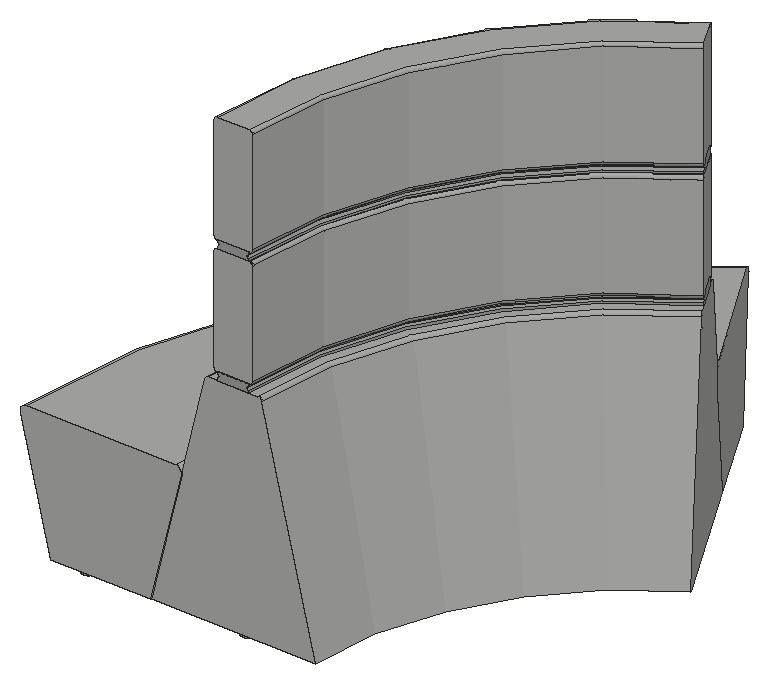
Revit family "Hive 60° Exterior Bench, Full Base, Two Screens", category Furniture, Revit 2020
Family settings
  OmniClass Number = 23.40.20.00
  OmniClass Title = General Furniture and Specialties
  Work Plane-Based = No
  Always vertical = Yes
  Cut with Voids When Loaded = No
  Shared = No
  Room Calculation Point = No
Parameters
  UK Secondary Seat Count = 3
  UK Primary Seat Count = 3
  Seat Upholstery [instance] = Fabric, Unspecified
  Seat Top Upholstery [instance] = Fabric, Unspecified
  Screen Two Upholstery [instance] = Fabric, Unspecified
  Screen Two Top Upholstery [instance] = Fabric, Unspecified
  Screen One Upholstery [instance] = Fabric, Unspecified
  Screen One Top Upholstery [instance] = Fabric, Unspecified
  Screen 2 [instance] = yes
  Screen 1 [instance] = yes
  Power Module Seat Right Back [instance] = no
  Power Module Seat Left Back [instance] = no
  Power Module Screen 2 Back [instance] = no
  Power Module Screen 1 Back [instance] = no
  Plug = Palmer Hamilton Black Plastic
  Plate = Palmer Hamilton Alum
  No Legs [instance] = not(Legs)  # yes
  Model = "SHV2K"
  Legs [instance] = no
  LegRightOffset [instance] = 0' - 2 3/16"
  LegLeftOffset [instance] = 0' - 2 3/16"
  Leg [instance] = Palmer Hamilton - Aluminum
  Joint [instance] = Palmer Hamilton - Aluminum
  HS Seat Count = 3
  ES Seat Count = 3
  Default Elevation = 0' - 0"
  Cost = 3
  Back Upholstery [instance] = Fabric, Unspecified
  Back Top Upholstery [instance] = Fabric, Unspecified
Reference planes (in)
  plane 1 "Center Front/Back": y = 0
  plane 2: z = 0
  plane 3 "Center Left/Right": x = 0
  plane 4 "LegLeftOffset": y = 2.1875
  plane 5 "LegRightOffset": through (29.59726, -51.26396, 48) normal (-0.866, -0.5, 0)
  plane 6: z = 1.25
  plane 7: z = 9.1875
  plane 8: z = 17
  plane 9: z = 28
  plane 10: through (0, 0, 48) normal (-0.5, -0.866, 0)
  plane 11: through (-40.56766, 21.91018, 48) normal (-0.866, 0.5, 0)
  plane 12: through (-21.30109, 12.29819, 48) normal (-0.866, 0.5, 0)
  plane 13: through (-25.07879, 14.47924, 48) normal (-0.866, 0.5, 0)
  plane 14: through (-42.0782, 24.29386, 48) normal (-0.866, 0.5, 0)
  plane 15: through (-43.97263, 25.38761, 48) normal (-0.866, 0.5, 0)
  plane 16: through (-58.8356, 33.96875, 48) normal (-0.866, 0.5, 0)
  plane 17: through (-62.2997, 35.96875, 48) normal (-0.866, 0.5, 0)
  plane 18: through (27.70283, -52.35771, 48) normal (-0.866, -0.5, 0)
Forms (in)
  Extrusion 1, solid, material "Palmer Hamilton - Aluminum", visible <- "Legs"
    sketch origin (0, 0, 0) x (0.965926, 0.258819, 0) y (-0.258819, 0.965926, 0)
      loop
        circle (-34.33679, 34.33679) r 0.625
      loop
        circle (-50.86749, 50.86749) r 0.625
    from 0.25 to 12
  Extrusion 2, solid, material "pH Black Plastic", visible <- "Legs"
    sketch origin (0, 0, 0) x (0.965926, 0.258819, 0) y (-0.258819, 0.965926, 0)
      loop
        circle (-34.33679, 34.33679) r 0.75
      loop
        circle (-50.86749, 50.86749) r 0.75
    from 0 to 0.25
  Revolve 3, solid, material "Palmer Hamilton - Aluminum" <- "Joint", visible <- "Screen 1"
    sketch origin (0, 0, 0) x (1, 0, 0) y (0, 0, 1)
      loop
        line (-50.4124, 29) -> (-50.4124, 28.75) -> (-50.1624, 28.5) -> (-50.4124, 28.25) -> (-50.4124, 28) -> (-46.58858, 28) -> (-46.58858, 28.25) -> (-46.83858, 28.5) -> (-46.58858, 28.75) -> (-46.58858, 29) -> (-50.4124, 29)
      axis (0, 29) -> (0, 28)
    angle from 60 to 0
  Revolve 4, solid, material "Fabric, Unspecified" <- "Screen One Upholstery", visible <- "Screen 1"
    sketch origin (0, 0, 0) x (1, 0, 0) y (0, 0, 1)
      loop
        line (-50.81299, 42) -> (-50.81299, 29.375)
        arc (-50.81299, 29.375) -> (-50.70315, 29.10983) -> (-50.43799, 29) r 0.375
        line (-50.43799, 29) -> (-46.46358, 29)
        arc (-46.46358, 29) -> (-46.19842, 29.10983) -> (-46.08858, 29.375) r 0.375
        line (-46.08858, 29.375) -> (-46.08858, 42)
        arc (-46.08858, 42) -> (-46.19842, 42.26517) -> (-46.46358, 42.375) r 0.375
        line (-46.46358, 42.375) -> (-50.43799, 42.375)
        arc (-50.43799, 42.375) -> (-50.70315, 42.26517) -> (-50.81299, 42) r 0.375
      axis (0, 42.375) -> (0, 29)
    angle from 60 to 0
  Revolve 5, solid, material "Palmer Hamilton - Aluminum" <- "Joint", visible <- "Screen 2"
    sketch origin (0, 0, 14.375) x (1, 0, 0) y (0, 0, 1)
      loop
        line (-50.4124, 29) -> (-50.4124, 28.75) -> (-50.1624, 28.5) -> (-50.4124, 28.25) -> (-50.4124, 28) -> (-46.58858, 28) -> (-46.58858, 28.25) -> (-46.83858, 28.5) -> (-46.58858, 28.75) -> (-46.58858, 29) -> (-50.4124, 29)
      axis (0, 29) -> (0, 28)
    angle from 60 to 0
  Revolve 6, solid, material "Fabric, Unspecified" <- "Screen Two Upholstery", visible <- "Screen 2"
    sketch origin (0, 0, 14.375) x (1, 0, 0) y (0, 0, 1)
      loop
        line (-50.81299, 42) -> (-50.81299, 29.375)
        arc (-50.81299, 29.375) -> (-50.70315, 29.10983) -> (-50.43799, 29) r 0.375
        line (-50.43799, 29) -> (-46.46358, 29)
        arc (-46.46358, 29) -> (-46.19842, 29.10983) -> (-46.08858, 29.375) r 0.375
        line (-46.08858, 29.375) -> (-46.08858, 42)
        arc (-46.08858, 42) -> (-46.19842, 42.26517) -> (-46.46358, 42.375) r 0.375
        line (-46.46358, 42.375) -> (-50.43799, 42.375)
        arc (-50.43799, 42.375) -> (-50.70315, 42.26517) -> (-50.81299, 42) r 0.375
      axis (0, 42.375) -> (0, 29)
    angle from 60 to 0
  Extrusion 7, solid, material "pH Black Plastic", visible <- "No Legs"
    sketch origin (0, 0, 0) x (0.965926, 0.258819, 0) y (-0.258819, 0.965926, 0)
      loop
        circle (-34.33679, 34.33679) r 0.75
      loop
        circle (-48.03907, 48.03907) r 0.75
    from 0 to 1.25
  Extrusion 8, solid, material "Palmer Hamilton Alum" <- "Plate", not visible
    sketch origin (7.98653, 21.60823, 0) x (1, 0, 0) y (0, 1, 0)
      loop
        line (0.875, 3.25) -> (-0.875, 3.25)
        arc (-0.875, 3.25) -> (-1.14017, 3.14017) -> (-1.25, 2.875) r 0.375
        line (-1.25, 2.875) -> (-1.25, -2.875)
        arc (-1.25, -2.875) -> (-1.14017, -3.14017) -> (-0.875, -3.25) r 0.375
        line (-0.875, -3.25) -> (0.875, -3.25)
        arc (0.875, -3.25) -> (1.14017, -3.14017) -> (1.25, -2.875) r 0.375
        line (1.25, -2.875) -> (1.25, 2.875)
        arc (1.25, 2.875) -> (1.14017, 3.14017) -> (0.875, 3.25) r 0.375
    from 0 to 0.0598
  Blend 9, solid, material "Palmer Hamilton Black Plastic" <- "Plug", not visible
    base sketch origin (7.98653, 21.60823, 0) x (1, 0, 0) y (0, 1, 0)
      loop
        line (-0.535, 1.788) -> (-0.535, 0.718) -> (0.535, 0.718) -> (0.535, 1.788) -> (-0.535, 1.788)
    top sketch origin (7.98653, 21.60823, 0) x (1, 0, 0) y (0, 1, 0)
      loop
        line (-0.46894, 1.72894) -> (-0.46894, 0.78406) -> (0.47594, 0.78406) -> (0.47594, 1.72894) -> (-0.46894, 1.72894)
    from 0.0598 to 0.1378
  Blend 10, solid, material "Palmer Hamilton Black Plastic" <- "Plug", not visible
    base sketch origin (7.98653, 21.60823, 0) x (1, 0, 0) y (0, 1, 0)
      loop
        line (-0.535, -1.788) -> (0.535, -1.788) -> (0.535, -0.718) -> (-0.535, -0.718) -> (-0.535, -1.788)
    top sketch origin (7.98653, 21.60823, 0) x (1, 0, 0) y (0, 1, 0)
      loop
        line (-0.46894, -1.72894) -> (0.47594, -1.72894) -> (0.47594, -0.78406) -> (-0.46894, -0.78406) -> (-0.46894, -1.72894)
    from 0.0598 to 0.1378
  Extrusion 11, solid, material "Palmer Hamilton Black Plastic" <- "Plug", not visible
    sketch origin (7.98653, 21.60823, 0) x (1, 0, 0) y (0, 1, 0)
      loop
        line (-0.288, 0.2665) -> (-0.288, -0.2665) -> (0.288, -0.2665) -> (0.288, 0.2665) -> (-0.288, 0.2665)
      loop
        line (-0.18864, 0.20185) -> (-0.18864, -0.20575) -> (-0.06116, -0.20575) -> (-0.06116, 0.20185) -> (-0.18864, 0.20185)
      loop
        line (0.06115, 0.20185) -> (0.06115, -0.20575) -> (0.18863, -0.20575) -> (0.18863, 0.20185) -> (0.06115, 0.20185)
    from 0.0598 to 0.11052
  Extrusion 12, void, not visible
    sketch origin (7.98653, 21.60823, 0) x (1, 0, 0) y (0, 1, 0)
      loop
        arc (-0.1165, 1.49056) -> (0.0035, 1.37056) -> (0.1235, 1.49056) r 0.12
        line (0.1235, 1.49056) -> (0.1235, 1.61056) -> (-0.1165, 1.61056) -> (-0.1165, 1.49056)
      loop
        line (-0.30278, 1.19556) -> (-0.30278, 0.84957) -> (-0.18628, 0.84957) -> (-0.18628, 1.19556) -> (-0.30278, 1.19556)
      loop
        line (0.19722, 1.16331) -> (0.19722, 0.88182) -> (0.31372, 0.88182) -> (0.31372, 1.16331) -> (0.19722, 1.16331)
    from 0.0598 to 0.1378
  Extrusion 13, void, not visible
    sketch origin (7.98653, 21.60823, 0) x (1, 0, 0) y (0, 1, 0)
      loop
        line (-0.1165, -1.49056) -> (-0.1165, -1.61056) -> (0.1235, -1.61056) -> (0.1235, -1.49056)
        arc (0.1235, -1.49056) -> (0.0035, -1.37056) -> (-0.1165, -1.49056) r 0.12
      loop
        line (-0.30278, -1.19556) -> (-0.18628, -1.19556) -> (-0.18628, -0.84957) -> (-0.30278, -0.84957) -> (-0.30278, -1.19556)
      loop
        line (0.19722, -1.16331) -> (0.31372, -1.16331) -> (0.31372, -0.88182) -> (0.19722, -0.88182) -> (0.19722, -1.16331)
    from 0.0598 to 0.1378
  Revolve 14, solid, material "Fabric, Unspecified" <- "Back Upholstery", visible <- "Legs"
    sketch origin (0, 0, 0) x (1, 0, 0) y (0, 0, 1)
      loop
        line (-45.46354, 28) -> (-51.43326, 28)
        arc (-51.43326, 28) -> (-51.74109, 27.89401) -> (-51.91841, 27.62096) r 0.5
        line (-51.91841, 27.62096) -> (-56.51438, 9.1875) -> (-40.38242, 9.1875) -> (-44.97839, 27.62096)
        arc (-44.97839, 27.62096) -> (-45.15571, 27.89401) -> (-45.46354, 28) r 0.5
      axis (0, 28) -> (0, 9.1875)
    angle from 60 to 0
  Revolve 15, solid, material "Fabric, Unspecified" <- "Seat Upholstery", visible <- "No Legs"
    sketch origin (0, 0, 0) x (1, 0, 0) y (0, 0, 1)
      loop
        line (-55.54902, 17) -> (-73.73989, 17)
        arc (-73.73989, 17) -> (-74.3309, 16.71175) -> (-74.46761, 16.06856) r 0.75
        line (-74.46761, 16.06856) -> (-70.77293, 1.25) -> (-58.51598, 1.25) -> (-54.82129, 16.06856)
        arc (-54.82129, 16.06856) -> (-54.95801, 16.71175) -> (-55.54902, 17) r 0.75
      axis (0, 17) -> (0, 1.25)
    angle from 60 to 0
  Revolve 16, solid, material "Fabric, Unspecified" <- "Seat Upholstery", visible <- "Legs"
    sketch origin (0, 0, 0) x (1, 0, 0) y (0, 0, 1)
      loop
        arc (-73.68133, 17) -> (-74.21166, 16.78033) -> (-74.43133, 16.25) r 0.75
        line (-74.43133, 16.25) -> (-74.43133, 9.5625)
        arc (-74.43133, 9.5625) -> (-74.32149, 9.29733) -> (-74.05633, 9.1875) r 0.375
        line (-74.05633, 9.1875) -> (-56.51438, 9.1875) -> (-54.79874, 16.06856)
        arc (-54.79874, 16.06856) -> (-54.93546, 16.71175) -> (-55.52647, 17) r 0.75
        line (-55.52647, 17) -> (-73.68133, 17)
      axis (0, 17) -> (0, 9.1875)
    angle from 60 to 0
  Revolve 17, solid, material "Fabric, Unspecified" <- "Back Upholstery", visible <- "No Legs"
    sketch origin (0, 0, 0) x (1, 0, 0) y (0, 0, 1)
      loop
        line (-45.46354, 28) -> (-51.43326, 28)
        arc (-51.43326, 28) -> (-51.74109, 27.89401) -> (-51.91841, 27.62096) r 0.5
        line (-51.91841, 27.62096) -> (-58.49051, 1.26168) -> (-38.40629, 1.26168) -> (-44.97839, 27.62096)
        arc (-44.97839, 27.62096) -> (-45.15571, 27.89401) -> (-45.46354, 28) r 0.5
      axis (0, 28) -> (0, 1.26168)
    angle from 60 to 0
  Extrusion 18, solid, material "Palmer Hamilton Alum" <- "Plate", visible <- "Power Module Screen 1 Back"
    sketch origin (-43.9431, 25.43876, 35.6875) x (-0.5, -0.866025, 0) y (0, 0, 1)
      loop
        line (0.875, 3.25) -> (-0.875, 3.25)
        arc (-0.875, 3.25) -> (-1.14017, 3.14017) -> (-1.25, 2.875) r 0.375
        line (-1.25, 2.875) -> (-1.25, -2.875)
        arc (-1.25, -2.875) -> (-1.14017, -3.14017) -> (-0.875, -3.25) r 0.375
        line (-0.875, -3.25) -> (0.875, -3.25)
        arc (0.875, -3.25) -> (1.14017, -3.14017) -> (1.25, -2.875) r 0.375
        line (1.25, -2.875) -> (1.25, 2.875)
        arc (1.25, 2.875) -> (1.14017, 3.14017) -> (0.875, 3.25) r 0.375
    from 0 to 0.0598
  Blend 19, solid, material "Palmer Hamilton Black Plastic" <- "Plug", visible <- "Power Module Screen 1 Back"
    base sketch origin (-43.9431, 25.43876, 35.6875) x (-0.5, -0.866025, 0) y (0, 0, 1)
      loop
        line (-0.535, 1.788) -> (-0.535, 0.718) -> (0.535, 0.718) -> (0.535, 1.788) -> (-0.535, 1.788)
    top sketch origin (-43.9431, 25.43876, 35.6875) x (-0.5, -0.866025, 0) y (0, 0, 1)
      loop
        line (-0.46894, 1.72894) -> (-0.46894, 0.78406) -> (0.47594, 0.78406) -> (0.47594, 1.72894) -> (-0.46894, 1.72894)
    from 0.0598 to 0.1378
  Blend 20, solid, material "Palmer Hamilton Black Plastic" <- "Plug", visible <- "Power Module Screen 1 Back"
    base sketch origin (-43.9431, 25.43876, 35.6875) x (-0.5, -0.866025, 0) y (0, 0, 1)
      loop
        line (-0.535, -1.788) -> (0.535, -1.788) -> (0.535, -0.718) -> (-0.535, -0.718) -> (-0.535, -1.788)
    top sketch origin (-43.9431, 25.43876, 35.6875) x (-0.5, -0.866025, 0) y (0, 0, 1)
      loop
        line (-0.46894, -1.72894) -> (0.47594, -1.72894) -> (0.47594, -0.78406) -> (-0.46894, -0.78406) -> (-0.46894, -1.72894)
    from 0.0598 to 0.1378
  Extrusion 21, solid, material "Palmer Hamilton Black Plastic" <- "Plug", visible <- "Power Module Screen 1 Back"
    sketch origin (-43.9431, 25.43876, 35.6875) x (-0.5, -0.866025, 0) y (0, 0, 1)
      loop
        line (-0.288, 0.2665) -> (-0.288, -0.2665) -> (0.288, -0.2665) -> (0.288, 0.2665) -> (-0.288, 0.2665)
      loop
        line (-0.18864, 0.20185) -> (-0.18864, -0.20575) -> (-0.06116, -0.20575) -> (-0.06116, 0.20185) -> (-0.18864, 0.20185)
      loop
        line (0.06115, 0.20185) -> (0.06115, -0.20575) -> (0.18863, -0.20575) -> (0.18863, 0.20185) -> (0.06115, 0.20185)
    from 0.0598 to 0.11052
  Extrusion 22, solid, material "Palmer Hamilton Alum" <- "Plate", visible <- "Power Module Screen 2 Back"
    sketch origin (-43.9431, 25.43876, 50.0625) x (-0.5, -0.866025, 0) y (0, 0, 1)
      loop
        line (0.875, 3.25) -> (-0.875, 3.25)
        arc (-0.875, 3.25) -> (-1.14017, 3.14017) -> (-1.25, 2.875) r 0.375
        line (-1.25, 2.875) -> (-1.25, -2.875)
        arc (-1.25, -2.875) -> (-1.14017, -3.14017) -> (-0.875, -3.25) r 0.375
        line (-0.875, -3.25) -> (0.875, -3.25)
        arc (0.875, -3.25) -> (1.14017, -3.14017) -> (1.25, -2.875) r 0.375
        line (1.25, -2.875) -> (1.25, 2.875)
        arc (1.25, 2.875) -> (1.14017, 3.14017) -> (0.875, 3.25) r 0.375
    from 0 to 0.0598
  Blend 23, solid, material "Palmer Hamilton Black Plastic" <- "Plug", visible <- "Power Module Screen 2 Back"
    base sketch origin (-43.9431, 25.43876, 50.0625) x (-0.5, -0.866025, 0) y (0, 0, 1)
      loop
        line (-0.535, 1.788) -> (-0.535, 0.718) -> (0.535, 0.718) -> (0.535, 1.788) -> (-0.535, 1.788)
    top sketch origin (-43.9431, 25.43876, 50.0625) x (-0.5, -0.866025, 0) y (0, 0, 1)
      loop
        line (-0.46894, 1.72894) -> (-0.46894, 0.78406) -> (0.47594, 0.78406) -> (0.47594, 1.72894) -> (-0.46894, 1.72894)
    from 0.0598 to 0.1378
  Blend 24, solid, material "Palmer Hamilton Black Plastic" <- "Plug", visible <- "Power Module Screen 2 Back"
    base sketch origin (-43.9431, 25.43876, 50.0625) x (-0.5, -0.866025, 0) y (0, 0, 1)
      loop
        line (-0.535, -1.788) -> (0.535, -1.788) -> (0.535, -0.718) -> (-0.535, -0.718) -> (-0.535, -1.788)
    top sketch origin (-43.9431, 25.43876, 50.0625) x (-0.5, -0.866025, 0) y (0, 0, 1)
      loop
        line (-0.46894, -1.72894) -> (0.47594, -1.72894) -> (0.47594, -0.78406) -> (-0.46894, -0.78406) -> (-0.46894, -1.72894)
    from 0.0598 to 0.1378
  Extrusion 25, solid, material "Palmer Hamilton Black Plastic" <- "Plug", visible <- "Power Module Screen 2 Back"
    sketch origin (-43.9431, 25.43876, 50.0625) x (-0.5, -0.866025, 0) y (0, 0, 1)
      loop
        line (-0.288, 0.2665) -> (-0.288, -0.2665) -> (0.288, -0.2665) -> (0.288, 0.2665) -> (-0.288, 0.2665)
      loop
        line (-0.18864, 0.20185) -> (-0.18864, -0.20575) -> (-0.06116, -0.20575) -> (-0.06116, 0.20185) -> (-0.18864, 0.20185)
      loop
        line (0.06115, 0.20185) -> (0.06115, -0.20575) -> (0.18863, -0.20575) -> (0.18863, 0.20185) -> (0.06115, 0.20185)
    from 0.0598 to 0.11052
  Extrusion 26, solid, material "Palmer Hamilton Alum" <- "Plate", visible <- "Power Module Seat Right Back"
    sketch origin (-32.70469, 56.64618, 9.1875) x (-0.5, 0.866025, 0) y (0, 0, 1)
      loop
        line (0.875, 3.25) -> (-0.875, 3.25)
        arc (-0.875, 3.25) -> (-1.14017, 3.14017) -> (-1.25, 2.875) r 0.375
        line (-1.25, 2.875) -> (-1.25, -2.875)
        arc (-1.25, -2.875) -> (-1.14017, -3.14017) -> (-0.875, -3.25) r 0.375
        line (-0.875, -3.25) -> (0.875, -3.25)
        arc (0.875, -3.25) -> (1.14017, -3.14017) -> (1.25, -2.875) r 0.375
        line (1.25, -2.875) -> (1.25, 2.875)
        arc (1.25, 2.875) -> (1.14017, 3.14017) -> (0.875, 3.25) r 0.375
    from 0 to 0.0598
  Blend 27, solid, material "Palmer Hamilton Black Plastic" <- "Plug", visible <- "Power Module Seat Right Back"
    base sketch origin (-32.70469, 56.64618, 9.1875) x (-0.5, 0.866025, 0) y (0, 0, 1)
      loop
        line (-0.535, 1.788) -> (-0.535, 0.718) -> (0.535, 0.718) -> (0.535, 1.788) -> (-0.535, 1.788)
    top sketch origin (-32.70469, 56.64618, 9.1875) x (-0.5, 0.866025, 0) y (0, 0, 1)
      loop
        line (-0.46894, 1.72894) -> (-0.46894, 0.78406) -> (0.47594, 0.78406) -> (0.47594, 1.72894) -> (-0.46894, 1.72894)
    from 0.0598 to 0.1378
  Blend 28, solid, material "Palmer Hamilton Black Plastic" <- "Plug", visible <- "Power Module Seat Right Back"
    base sketch origin (-32.70469, 56.64618, 9.1875) x (-0.5, 0.866025, 0) y (0, 0, 1)
      loop
        line (-0.535, -1.788) -> (0.535, -1.788) -> (0.535, -0.718) -> (-0.535, -0.718) -> (-0.535, -1.788)
    top sketch origin (-32.70469, 56.64618, 9.1875) x (-0.5, 0.866025, 0) y (0, 0, 1)
      loop
        line (-0.46894, -1.72894) -> (0.47594, -1.72894) -> (0.47594, -0.78406) -> (-0.46894, -0.78406) -> (-0.46894, -1.72894)
    from 0.0598 to 0.1378
  Extrusion 29, solid, material "Palmer Hamilton Black Plastic" <- "Plug", visible <- "Power Module Seat Right Back"
    sketch origin (-32.70469, 56.64618, 9.1875) x (-0.5, 0.866025, 0) y (0, 0, 1)
      loop
        line (-0.288, 0.2665) -> (-0.288, -0.2665) -> (0.288, -0.2665) -> (0.288, 0.2665) -> (-0.288, 0.2665)
      loop
        line (-0.18864, 0.20185) -> (-0.18864, -0.20575) -> (-0.06116, -0.20575) -> (-0.06116, 0.20185) -> (-0.18864, 0.20185)
      loop
        line (0.06115, 0.20185) -> (0.06115, -0.20575) -> (0.18863, -0.20575) -> (0.18863, 0.20185) -> (0.06115, 0.20185)
    from 0.0598 to 0.11052
  Extrusion 30, solid, material "Palmer Hamilton Alum" <- "Plate", visible <- "Power Module Seat Left Back"
    sketch origin (-64.60753, 0, 9.1875) x (1, 0, 0) y (0, 0, 1)
      loop
        line (0.875, 3.25) -> (-0.875, 3.25)
        arc (-0.875, 3.25) -> (-1.14017, 3.14017) -> (-1.25, 2.875) r 0.375
        line (-1.25, 2.875) -> (-1.25, -2.875)
        arc (-1.25, -2.875) -> (-1.14017, -3.14017) -> (-0.875, -3.25) r 0.375
        line (-0.875, -3.25) -> (0.875, -3.25)
        arc (0.875, -3.25) -> (1.14017, -3.14017) -> (1.25, -2.875) r 0.375
        line (1.25, -2.875) -> (1.25, 2.875)
        arc (1.25, 2.875) -> (1.14017, 3.14017) -> (0.875, 3.25) r 0.375
    from 0 to 0.0598
  Blend 31, solid, material "Palmer Hamilton Black Plastic" <- "Plug", visible <- "Power Module Seat Left Back"
    base sketch origin (-64.60753, 0, 9.1875) x (1, 0, 0) y (0, 0, 1)
      loop
        line (-0.535, 1.788) -> (-0.535, 0.718) -> (0.535, 0.718) -> (0.535, 1.788) -> (-0.535, 1.788)
    top sketch origin (-64.60753, 0, 9.1875) x (1, 0, 0) y (0, 0, 1)
      loop
        line (-0.46894, 1.72894) -> (-0.46894, 0.78406) -> (0.47594, 0.78406) -> (0.47594, 1.72894) -> (-0.46894, 1.72894)
    from 0.0598 to 0.1378
  Blend 32, solid, material "Palmer Hamilton Black Plastic" <- "Plug", visible <- "Power Module Seat Left Back"
    base sketch origin (-64.60753, 0, 9.1875) x (1, 0, 0) y (0, 0, 1)
      loop
        line (-0.535, -1.788) -> (0.535, -1.788) -> (0.535, -0.718) -> (-0.535, -0.718) -> (-0.535, -1.788)
    top sketch origin (-64.60753, 0, 9.1875) x (1, 0, 0) y (0, 0, 1)
      loop
        line (-0.46894, -1.72894) -> (0.47594, -1.72894) -> (0.47594, -0.78406) -> (-0.46894, -0.78406) -> (-0.46894, -1.72894)
    from 0.0598 to 0.1378
  Extrusion 33, solid, material "Palmer Hamilton Black Plastic" <- "Plug", visible <- "Power Module Seat Left Back"
    sketch origin (-64.60753, 0, 9.1875) x (1, 0, 0) y (0, 0, 1)
      loop
        line (-0.288, 0.2665) -> (-0.288, -0.2665) -> (0.288, -0.2665) -> (0.288, 0.2665) -> (-0.288, 0.2665)
      loop
        line (-0.18864, 0.20185) -> (-0.18864, -0.20575) -> (-0.06116, -0.20575) -> (-0.06116, 0.20185) -> (-0.18864, 0.20185)
      loop
        line (0.06115, 0.20185) -> (0.06115, -0.20575) -> (0.18863, -0.20575) -> (0.18863, 0.20185) -> (0.06115, 0.20185)
    from 0.0598 to 0.11052
  Extrusion 34, void
    sketch origin (-64.60753, 32.30928, 9.1875) x (1, 0, 0) y (0, 0, 1)
      loop
        arc (-0.1165, 1.49056) -> (0.0035, 1.37056) -> (0.1235, 1.49056) r 0.12
        line (0.1235, 1.49056) -> (0.1235, 1.61056) -> (-0.1165, 1.61056) -> (-0.1165, 1.49056)
      loop
        line (-0.30278, 1.19556) -> (-0.30278, 0.84957) -> (-0.18628, 0.84957) -> (-0.18628, 1.19556) -> (-0.30278, 1.19556)
      loop
        line (0.19722, 1.16331) -> (0.19722, 0.88182) -> (0.31372, 0.88182) -> (0.31372, 1.16331) -> (0.19722, 1.16331)
    from 0.0598 to 0.1378
  Extrusion 35, void
    sketch origin (-64.60753, 32.30928, 9.1875) x (1, 0, 0) y (0, 0, 1)
      loop
        line (-0.1165, -1.49056) -> (-0.1165, -1.61056) -> (0.1235, -1.61056) -> (0.1235, -1.49056)
        arc (0.1235, -1.49056) -> (0.0035, -1.37056) -> (-0.1165, -1.49056) r 0.12
      loop
        line (-0.30278, -1.19556) -> (-0.18628, -1.19556) -> (-0.18628, -0.84957) -> (-0.30278, -0.84957) -> (-0.30278, -1.19556)
      loop
        line (0.19722, -1.16331) -> (0.31372, -1.16331) -> (0.31372, -0.88182) -> (0.19722, -0.88182) -> (0.19722, -1.16331)
    from 0.0598 to 0.1378
  Extrusion 36, solid, material "pH Black Plastic", visible <- "Legs"
    sketch origin (0, 0, 0) x (1, 0, 0) y (0, 1, 0)
      loop
        circle (-48.53845, 2.1875) r 0.75
      loop
        circle (-71.90423, 2.1875) r 0.75
    from 0 to 0.25
  Extrusion 37, solid, material "pH Black Plastic", visible <- "No Legs"
    sketch origin (0, 0, 0) x (1, 0, 0) y (0, 1, 0)
      loop
        circle (-48.53845, 2.1875) r 0.75
      loop
        circle (-67.90227, 2.1875) r 0.75
    from 0 to 2
  Extrusion 38, solid, material "Palmer Hamilton - Aluminum" <- "Leg", visible <- "Legs"
    sketch origin (0, 0, 0) x (1, 0, 0) y (0, 1, 0)
      loop
        circle (-71.90423, 2.1875) r 0.625
      loop
        circle (-48.53845, 2.1875) r 0.625
    from 0.25 to 12
  Extrusion 39, solid, material "Palmer Hamilton - Aluminum" <- "Leg", visible <- "Legs"
    sketch origin (0, 0, 0) x (1, 0, 0) y (0, 1, 0)
      loop
        circle (-37.84655, 61.17714) r 0.625
      loop
        circle (-26.16365, 40.94178) r 0.625
    from 0.25 to 12
  Extrusion 40, solid, material "Palmer Hamilton Black Plastic", visible <- "Legs"
    sketch origin (0, 0, 0) x (1, 0, 0) y (0, 1, 0)
      loop
        circle (-37.84655, 61.17714) r 0.75
      loop
        circle (-26.16365, 40.94178) r 0.75
    from 0 to 0.25
  Extrusion 41, solid, material "Palmer Hamilton Black Plastic", visible <- "No Legs"
    sketch origin (0, 0, 0) x (1, 0, 0) y (0, 1, 0)
      loop
        circle (-26.16365, 40.94178) r 0.75
      loop
        circle (-37.84655, 61.17714) r 0.75
    from 0 to 2
Cuts and joins
  Extrusion 34 cuts Revolve 17
Lines and regions (in)
  reference lines
    curve 1: circle (0, 0, 0) r 48.58772 normal (0, 0, 1)
    curve 2: circle (0, 0, 0) r 67.9375 normal (0, 0, 1)
    curve 3: circle (0, 0, 0) r 71.9375 normal (0, 0, 1)
Dimensions and locks (in)
  "LegLeftOffset": plane 4 "LegLeftOffset" to plane 1 "Center Front/Back"
  locked: plane 11 to plane 10 at 46.08772
  plane 17 to plane 16 to plane 15 to plane 14 to plane 11 to plane 13 to plane 12 to plane 10 = 0' - 4" locked, 1' - 5.16228" locked, 0' - 2 3/16" locked, 0' - 2 1/2" locked, 1' - 5.12923" locked, 0' - 4.3621" locked, 2' - 0.59638" locked
  "LegRightOffset": plane 18 to plane 5 "LegRightOffset"
  aligned and locked: level to plane 2
Automatic sketch dimensions
  Extrusion 8 sketch curve to Extrusion 8 sketch curve = 0' - 0 3/8"  (x3)
  Extrusion 8 sketch curve to Extrusion 8 sketch curve = 0' - 1 3/4"  (x2)
  Extrusion 8 sketch curve to Extrusion 8 sketch curve = 0' - 5 3/4"
  Blend 9 sketch curve to Blend 9 sketch curve = 0' - 1.07"  (x2)
  Blend 9 sketch curve to Blend 9 sketch curve = 0' - 0.94488"  (x2)
  Blend 10 sketch curve to Blend 10 sketch curve = 0' - 1.07"  (x2)
  Blend 10 sketch curve to Blend 10 sketch curve = 0' - 0.94488"  (x2)
  Extrusion 11 sketch curve to Extrusion 11 sketch curve = 0' - 0.09936"
  Extrusion 11 sketch curve to Extrusion 11 sketch curve = 0' - 0.12748"  (x2)
  Extrusion 11 sketch curve to Extrusion 11 sketch curve = 0' - 0.1223"
  Extrusion 11 sketch curve to Extrusion 11 sketch curve = 0' - 0.09937"
  Extrusion 11 sketch curve to Extrusion 11 sketch curve = 0' - 0.06075"
  Extrusion 11 sketch curve to Extrusion 11 sketch curve = 0' - 0"  (x2)
  Extrusion 11 sketch curve to Extrusion 11 sketch curve = 0' - 0.4076"
  Extrusion 11 sketch curve to Extrusion 11 sketch curve = 0' - 0.06465"
  Extrusion 12 sketch curve to Extrusion 12 sketch curve = 0' - 0.1165"  (x2)
  Extrusion 12 sketch curve to Extrusion 12 sketch curve = 0' - 0.06978"
  Extrusion 12 sketch curve to Extrusion 12 sketch curve = 0' - 0.12"  (x2)
  Extrusion 12 sketch curve to Extrusion 12 sketch curve = 0' - 0.07372"
  Extrusion 12 sketch curve to Extrusion 12 sketch curve = 0' - 0.03224"
  Extrusion 12 sketch curve to Extrusion 12 sketch curve = 0' - 0.2815"
  Extrusion 12 sketch curve to Extrusion 12 sketch curve = 0' - 0.34598"
  Extrusion 12 sketch curve to Extrusion 12 sketch curve = 0' - 0.295"
  Extrusion 13 sketch curve to Extrusion 13 sketch curve = 0' - 0.1165"  (x2)
  Extrusion 13 sketch curve to Extrusion 13 sketch curve = 0' - 0.06978"
  Extrusion 13 sketch curve to Extrusion 13 sketch curve = 0' - 0.12"  (x2)
  Extrusion 13 sketch curve to Extrusion 13 sketch curve = 0' - 0.07372"
  Extrusion 13 sketch curve to Extrusion 13 sketch curve = 0' - 0.03224"
  Extrusion 13 sketch curve to Extrusion 13 sketch curve = 0' - 0.2815"
  Extrusion 13 sketch curve to Extrusion 13 sketch curve = 0' - 0.34598"
  Extrusion 13 sketch curve to Extrusion 13 sketch curve = 0' - 0.295"
  plane 10 to Extrusion 1 sketch curve = 0' - 0"  (x2)
  Extrusion 1 sketch curve to plane 17 = 0' - 0"
  Extrusion 1 sketch curve to Extrusion 1 sketch curve = 1' - 4.53071"
  plane 10 to Extrusion 2 sketch curve = 0' - 0"  (x2)
  Extrusion 2 sketch curve to plane 17 = 0' - 0"
  Extrusion 2 sketch curve to Extrusion 2 sketch curve = 1' - 4.53071"
  plane 10 to Extrusion 7 sketch curve = 0' - 0"  (x2)
  Extrusion 7 sketch curve to plane 16 = 0' - 0"
  Extrusion 7 sketch curve to Extrusion 7 sketch curve = 1' - 1.70228"
  Extrusion 18 sketch curve to plane 10 = 0' - 1.30906"
  Extrusion 18 sketch curve to Extrusion 18 sketch curve = 0' - 0 3/8"  (x3)
  plane 10 to Extrusion 18 sketch curve = 0' - 0.81594"  (x2)
  plane 9 to Extrusion 18 sketch curve = 0' - 4 7/16"
  Extrusion 18 sketch curve to Extrusion 18 sketch curve = 0' - 5 3/4"
  Blend 19 sketch curve to plane 10 = 0' - 0.59406"
  plane 10 to Blend 19 sketch curve = 0' - 0.47594"
  plane 9 to Blend 19 sketch curve = 0' - 8.4055"
  Blend 19 sketch curve to Blend 19 sketch curve = 0' - 1.07"
  Blend 19 sketch curve to plane 10 = 0' - 0.528"
  plane 10 to Blend 19 sketch curve = 0' - 0.41688"
  plane 9 to Blend 19 sketch curve = 0' - 8.47156"
  Blend 19 sketch curve to Blend 19 sketch curve = 0' - 0.94488"
  Blend 20 sketch curve to plane 10 = 0' - 0.59406"
  plane 10 to Blend 20 sketch curve = 0' - 0.47594"
  plane 9 to Blend 20 sketch curve = 0' - 5.8995"
  Blend 20 sketch curve to Blend 20 sketch curve = 0' - 1.07"
  Blend 20 sketch curve to plane 10 = 0' - 0.528"
  plane 10 to Blend 20 sketch curve = 0' - 0.41688"
  plane 9 to Blend 20 sketch curve = 0' - 5.95856"
  Blend 20 sketch curve to Blend 20 sketch curve = 0' - 0.94488"
  Extrusion 21 sketch curve to plane 10 = 0' - 0.34706"
  Extrusion 21 sketch curve to Extrusion 21 sketch curve = 0' - 0.09936"
  Extrusion 21 sketch curve to plane 10 = 0' - 0.12022"
  plane 10 to Extrusion 21 sketch curve = 0' - 0.00209"
  Extrusion 21 sketch curve to Extrusion 21 sketch curve = 0' - 0.12748"
  Extrusion 21 sketch curve to Extrusion 21 sketch curve = 0' - 0.09937"
  plane 9 to Extrusion 21 sketch curve = 0' - 7.421"
  Extrusion 21 sketch curve to Extrusion 21 sketch curve = 0' - 0.06075"
  Extrusion 21 sketch curve to Extrusion 21 sketch curve = 0' - 0"  (x2)
  Extrusion 21 sketch curve to Extrusion 21 sketch curve = 0' - 0.4076"
  Extrusion 21 sketch curve to Extrusion 21 sketch curve = 0' - 0.06465"
  Extrusion 22 sketch curve to plane 10 = 0' - 1.30906"
  Extrusion 22 sketch curve to Extrusion 22 sketch curve = 0' - 0 3/8"  (x3)
  plane 10 to Extrusion 22 sketch curve = 0' - 0.81594"  (x2)
  plane 9 to Extrusion 22 sketch curve = 1' - 6 13/16"
  Extrusion 22 sketch curve to Extrusion 22 sketch curve = 0' - 5 3/4"
  Blend 23 sketch curve to plane 10 = 0' - 0.59406"
  plane 10 to Blend 23 sketch curve = 0' - 0.47594"
  plane 9 to Blend 23 sketch curve = 1' - 10.7805"
  Blend 23 sketch curve to Blend 23 sketch curve = 0' - 1.07"
  Blend 23 sketch curve to plane 10 = 0' - 0.528"
  plane 10 to Blend 23 sketch curve = 0' - 0.41688"
  plane 9 to Blend 23 sketch curve = 1' - 10.84656"
  Blend 23 sketch curve to Blend 23 sketch curve = 0' - 0.94488"
  Blend 24 sketch curve to plane 10 = 0' - 0.59406"
  plane 10 to Blend 24 sketch curve = 0' - 0.47594"
  plane 9 to Blend 24 sketch curve = 1' - 8.2745"
  Blend 24 sketch curve to Blend 24 sketch curve = 0' - 1.07"
  Blend 24 sketch curve to plane 10 = 0' - 0.528"
  plane 10 to Blend 24 sketch curve = 0' - 0.41688"
  plane 9 to Blend 24 sketch curve = 1' - 8.33356"
  Blend 24 sketch curve to Blend 24 sketch curve = 0' - 0.94488"
  Extrusion 25 sketch curve to plane 10 = 0' - 0.34706"
  Extrusion 25 sketch curve to Extrusion 25 sketch curve = 0' - 0.09936"
  Extrusion 25 sketch curve to plane 10 = 0' - 0.12022"
  plane 10 to Extrusion 25 sketch curve = 0' - 0.00209"
  Extrusion 25 sketch curve to Extrusion 25 sketch curve = 0' - 0.12748"
  Extrusion 25 sketch curve to Extrusion 25 sketch curve = 0' - 0.09937"
  plane 9 to Extrusion 25 sketch curve = 1' - 9.796"
  Extrusion 25 sketch curve to Extrusion 25 sketch curve = 0' - 0.06075"
  Extrusion 25 sketch curve to Extrusion 25 sketch curve = 0' - 0"  (x2)
  Extrusion 25 sketch curve to Extrusion 25 sketch curve = 0' - 0.4076"
  Extrusion 25 sketch curve to Extrusion 25 sketch curve = 0' - 0.06465"
  Revolve 3 sketch curve to plane 9 = 0' - 0"
  Revolve 3 sketch curve to plane 3 "Center Left/Right" = 0' - 0"
  plane 9 to Revolve 3 sketch curve = 0' - 1"
  Revolve 3 sketch curve to plane 3 "Center Left/Right" = 3' - 10.58858"
  Revolve 3 sketch curve to Revolve 3 sketch curve = 0' - 0"
  plane 9 to Revolve 3 sketch curve = 0' - 0 1/2"  (x2)
  Revolve 3 sketch curve to Revolve 3 sketch curve = 0' - 0 1/4"  (x3)
  Revolve 3 sketch curve to Revolve 3 sketch curve = 0' - 3.32382"
  plane 9 to Revolve 3 sketch curve = 0' - 0 1/4"  (x2)
  Revolve 3 sketch curve to level = 2' - 0"
  plane 9 to Revolve 3 sketch curve = 5' - 7.33184"
  Revolve 4 sketch curve to plane 3 "Center Left/Right" = 0' - 0"
  plane 9 to Revolve 4 sketch curve = 0' - 1 3/8"  (x2)
  Revolve 4 sketch curve to plane 3 "Center Left/Right" = 3' - 10.08858"
  Revolve 4 sketch curve to Revolve 4 sketch curve = 0' - 0 3/8"  (x3)
  Revolve 4 sketch curve to Revolve 4 sketch curve = 0' - 3.97441"
  Revolve 4 sketch curve to Revolve 4 sketch curve = 1' - 0 5/8"
  Revolve 4 sketch curve to level = 2' - 0"
  plane 9 to Revolve 4 sketch curve = 5' - 7.33184"
  Revolve 5 sketch curve to plane 3 "Center Left/Right" = 0' - 0"
  plane 9 to Revolve 5 sketch curve = 1' - 3 3/8"
  Revolve 5 sketch curve to plane 3 "Center Left/Right" = 3' - 10.58858"
  Revolve 5 sketch curve to Revolve 5 sketch curve = 0' - 0"
  plane 9 to Revolve 5 sketch curve = 1' - 2 7/8"  (x2)
  Revolve 5 sketch curve to Revolve 5 sketch curve = 0' - 0 1/4"  (x6)
  Revolve 5 sketch curve to Revolve 5 sketch curve = 0' - 3.32382"
  Revolve 5 sketch curve to level = 0' - 9 5/8"
  Revolve 5 sketch curve to Revolve 5 sketch curve = 5' - 6.33184"
  Revolve 6 sketch curve to plane 3 "Center Left/Right" = 0' - 0"
  Revolve 6 sketch curve to plane 3 "Center Left/Right" = 3' - 10.08858"
  Revolve 6 sketch curve to Revolve 6 sketch curve = 0' - 0 3/8"  (x3)
  Revolve 6 sketch curve to Revolve 6 sketch curve = 0' - 3.97441"  (x2)
  plane 9 to Revolve 6 sketch curve = 1' - 3 3/8"
  Revolve 6 sketch curve to Revolve 6 sketch curve = 1' - 0 5/8"
  Revolve 6 sketch curve to level = 0' - 9 5/8"
  Revolve 6 sketch curve to Revolve 6 sketch curve = 4' - 4.95684"
  Revolve 14 sketch curve to plane 7 = 0' - 0"
  Revolve 14 sketch curve to plane 9 = 0' - 0"
  Revolve 14 sketch curve to plane 3 "Center Left/Right" = 0' - 0"
  Revolve 14 sketch curve to plane 3 "Center Left/Right" = 3' - 4.38242"
  Revolve 14 sketch curve to plane 9 = 0' - 0.37904"  (x2)
  Revolve 14 sketch curve to Revolve 14 sketch curve = 0' - 4.59598"
  Revolve 14 sketch curve to plane 9 = 0' - 0 1/2"  (x2)
  Revolve 14 sketch curve to Revolve 14 sketch curve = 0' - 5.96972"
  Revolve 14 sketch curve to Revolve 14 sketch curve = 1' - 4.13197"
  plane 9 to Revolve 14 sketch curve = 1' - 3 3/8"
  Revolve 14 sketch curve to Revolve 14 sketch curve = 1' - 1 3/8"
  Revolve 15 sketch curve to plane 8 = 0' - 0"
  Revolve 15 sketch curve to plane 6 = 0' - 0"
  Revolve 15 sketch curve to plane 3 "Center Left/Right" = 0' - 0"
  Revolve 15 sketch curve to plane 8 = 0' - 0.93144"  (x2)
  Revolve 15 sketch curve to plane 3 "Center Left/Right" = 4' - 6.82129"
  Revolve 15 sketch curve to Revolve 15 sketch curve = 0' - 0.72772"
  Revolve 15 sketch curve to Revolve 15 sketch curve = 0' - 3.69468"
  Revolve 15 sketch curve to Revolve 15 sketch curve = 1' - 0.25696"
  Revolve 15 sketch curve to plane 8 = 0' - 0 3/4"
  Revolve 15 sketch curve to Revolve 15 sketch curve = 0' - 2.96696"
  Revolve 15 sketch curve to level = 2' - 0"
  plane 9 to Revolve 15 sketch curve = 5' - 7.33184"
  Revolve 16 sketch curve to plane 7 = 0' - 0"
  Revolve 16 sketch curve to plane 8 = 0' - 0"
  Revolve 16 sketch curve to plane 3 "Center Left/Right" = 0' - 0"
  Revolve 16 sketch curve to plane 8 = 0' - 0.93144"
  Revolve 16 sketch curve to plane 3 "Center Left/Right" = 4' - 6.79874"
  Revolve 16 sketch curve to Revolve 16 sketch curve = 0' - 0.72772"
  Revolve 16 sketch curve to Revolve 16 sketch curve = 0' - 1.71564"
  Revolve 16 sketch curve to Revolve 16 sketch curve = 1' - 6.15486"
  Revolve 16 sketch curve to Revolve 16 sketch curve = 0' - 0 3/8"  (x2)
  Revolve 16 sketch curve to level = 2' - 0"
  plane 9 to Revolve 16 sketch curve = 5' - 7.33184"
  Revolve 17 sketch curve to plane 9 = 0' - 0"
  Revolve 17 sketch curve to plane 3 "Center Left/Right" = 0' - 0"
  plane 6 to Revolve 17 sketch curve = 0' - 0.01168"
  Revolve 17 sketch curve to plane 3 "Center Left/Right" = 3' - 2.40629"
  Revolve 17 sketch curve to plane 9 = 0' - 0.37904"  (x2)
  Revolve 17 sketch curve to Revolve 17 sketch curve = 0' - 6.57211"
  Revolve 17 sketch curve to plane 9 = 0' - 0 1/2"  (x2)
  Revolve 17 sketch curve to Revolve 17 sketch curve = 0' - 5.96972"
  Revolve 17 sketch curve to Revolve 17 sketch curve = 1' - 8.08423"
  plane 9 to Revolve 17 sketch curve = 1' - 3 3/8"
  Revolve 17 sketch curve to Revolve 17 sketch curve = 1' - 1 3/8"
  plane 7 to Extrusion 26 sketch curve = 0' - 2 7/8"
  Extrusion 26 sketch curve to Extrusion 26 sketch curve = 0' - 0 3/8"  (x3)
  Extrusion 26 sketch curve to Extrusion 26 sketch curve = 0' - 1 3/4"  (x2)
  Extrusion 26 sketch curve to plane 7 = 0' - 2 7/8"
  plane 7 to Blend 27 sketch curve = 0' - 0.718"
  Blend 27 sketch curve to Blend 27 sketch curve = 0' - 1.07"  (x2)
  plane 7 to Blend 27 sketch curve = 0' - 0.78406"
  Blend 27 sketch curve to Blend 27 sketch curve = 0' - 0.94488"  (x2)
  Blend 28 sketch curve to plane 7 = 0' - 0.718"
  Blend 28 sketch curve to Blend 28 sketch curve = 0' - 1.07"  (x2)
  Blend 28 sketch curve to plane 7 = 0' - 0.78406"
  Blend 28 sketch curve to Blend 28 sketch curve = 0' - 0.94488"  (x2)
  Extrusion 29 sketch curve to plane 7 = 0' - 0.2665"
  Extrusion 29 sketch curve to Extrusion 29 sketch curve = 0' - 0.09936"
  Extrusion 29 sketch curve to Extrusion 29 sketch curve = 0' - 0.12748"  (x2)
  Extrusion 29 sketch curve to Extrusion 29 sketch curve = 0' - 0.1223"
  Extrusion 29 sketch curve to Extrusion 29 sketch curve = 0' - 0.09937"
  Extrusion 29 sketch curve to Extrusion 29 sketch curve = 0' - 0.06075"
  Extrusion 29 sketch curve to Extrusion 29 sketch curve = 0' - 0"  (x2)
  plane 7 to Extrusion 29 sketch curve = 0' - 0.20185"
  Extrusion 29 sketch curve to Extrusion 29 sketch curve = 0' - 0.06465"
  plane 7 to Extrusion 30 sketch curve = 0' - 2 7/8"
  Extrusion 30 sketch curve to plane 3 "Center Left/Right" = 5' - 5.85753"
  Extrusion 30 sketch curve to Extrusion 30 sketch curve = 0' - 0 3/8"  (x3)
  Extrusion 30 sketch curve to Extrusion 30 sketch curve = 0' - 1 3/4"  (x2)
  Extrusion 30 sketch curve to plane 7 = 0' - 2 7/8"
  plane 7 to Blend 31 sketch curve = 0' - 0.718"
  Blend 31 sketch curve to plane 3 "Center Left/Right" = 5' - 5.14253"
  Blend 31 sketch curve to Blend 31 sketch curve = 0' - 1.07"  (x2)
  plane 7 to Blend 31 sketch curve = 0' - 0.78406"
  Blend 31 sketch curve to plane 3 "Center Left/Right" = 5' - 5.07647"
  Blend 31 sketch curve to Blend 31 sketch curve = 0' - 0.94488"  (x2)
  Blend 32 sketch curve to plane 7 = 0' - 0.718"
  Blend 32 sketch curve to plane 3 "Center Left/Right" = 5' - 5.14253"
  Blend 32 sketch curve to Blend 32 sketch curve = 0' - 1.07"  (x2)
  Blend 32 sketch curve to plane 7 = 0' - 0.78406"
  Blend 32 sketch curve to plane 3 "Center Left/Right" = 5' - 5.07647"
  Blend 32 sketch curve to Blend 32 sketch curve = 0' - 0.94488"  (x2)
  Extrusion 33 sketch curve to plane 7 = 0' - 0.2665"
  Extrusion 33 sketch curve to plane 3 "Center Left/Right" = 5' - 4.89553"
  Extrusion 33 sketch curve to Extrusion 33 sketch curve = 0' - 0.09936"
  Extrusion 33 sketch curve to Extrusion 33 sketch curve = 0' - 0.12748"  (x2)
  Extrusion 33 sketch curve to Extrusion 33 sketch curve = 0' - 0.1223"
  Extrusion 33 sketch curve to Extrusion 33 sketch curve = 0' - 0.09937"
  Extrusion 33 sketch curve to Extrusion 33 sketch curve = 0' - 0.06075"
  Extrusion 33 sketch curve to Extrusion 33 sketch curve = 0' - 0"  (x2)
  plane 7 to Extrusion 33 sketch curve = 0' - 0.20185"
  Extrusion 33 sketch curve to Extrusion 33 sketch curve = 0' - 0.06465"
  plane 7 to Extrusion 34 sketch curve = 0' - 0.84957"
  Extrusion 34 sketch curve to plane 3 "Center Left/Right" = 5' - 4.91031"
  Extrusion 34 sketch curve to Extrusion 34 sketch curve = 0' - 0.1165"  (x2)
  Extrusion 34 sketch curve to Extrusion 34 sketch curve = 0' - 0.06978"
  Extrusion 34 sketch curve to Extrusion 34 sketch curve = 0' - 0.12"  (x2)
  Extrusion 34 sketch curve to Extrusion 34 sketch curve = 0' - 0.07372"
  Extrusion 34 sketch curve to Extrusion 34 sketch curve = 0' - 0.03224"
  Extrusion 34 sketch curve to Extrusion 34 sketch curve = 0' - 0.2815"
  Extrusion 34 sketch curve to Extrusion 34 sketch curve = 0' - 0.34598"
  Extrusion 34 sketch curve to Extrusion 34 sketch curve = 0' - 0.295"
  Extrusion 35 sketch curve to plane 7 = 0' - 0.84957"
  Extrusion 35 sketch curve to plane 3 "Center Left/Right" = 5' - 4.91031"
  Extrusion 35 sketch curve to Extrusion 35 sketch curve = 0' - 0.1165"  (x2)
  Extrusion 35 sketch curve to Extrusion 35 sketch curve = 0' - 0.06978"
  Extrusion 35 sketch curve to Extrusion 35 sketch curve = 0' - 0.12"  (x2)
  Extrusion 35 sketch curve to Extrusion 35 sketch curve = 0' - 0.07372"
  Extrusion 35 sketch curve to Extrusion 35 sketch curve = 0' - 0.03224"
  Extrusion 35 sketch curve to Extrusion 35 sketch curve = 0' - 0.2815"
  Extrusion 35 sketch curve to Extrusion 35 sketch curve = 0' - 0.34598"
  Extrusion 35 sketch curve to Extrusion 35 sketch curve = 0' - 0.295"
  curve 1 to curve 3 = 0' - 0"  (x4)
  curve 2 to curve 3 = 0' - 0"  (x4)
  Extrusion 36 sketch curve to plane 4 "LegLeftOffset" = 0' - 0"  (x2)
  Extrusion 36 sketch curve to plane 3 "Center Left/Right" = 5' - 11.90423"
  Extrusion 36 sketch curve to Extrusion 36 sketch curve = 1' - 11.36579"
  Extrusion 37 sketch curve to plane 4 "LegLeftOffset" = 0' - 0"  (x2)
  Extrusion 37 sketch curve to plane 3 "Center Left/Right" = 5' - 7.90227"
  Extrusion 37 sketch curve to Extrusion 37 sketch curve = 1' - 7.36383"
  Extrusion 38 sketch curve to plane 4 "LegLeftOffset" = 0' - 0"  (x2)
  Extrusion 38 sketch curve to plane 3 "Center Left/Right" = 5' - 11.90423"
  Extrusion 38 sketch curve to Extrusion 38 sketch curve = 1' - 11.36579"
  plane 18 to Extrusion 39 sketch curve = 0' - 0"  (x2)
  Extrusion 39 sketch curve to plane 3 "Center Left/Right" = 3' - 1.84655"
  Extrusion 39 sketch curve to Extrusion 39 sketch curve = 0' - 11.68289"
  plane 18 to Extrusion 40 sketch curve = 0' - 0"  (x2)
  Extrusion 40 sketch curve to plane 3 "Center Left/Right" = 3' - 1.84655"
  Extrusion 40 sketch curve to Extrusion 40 sketch curve = 0' - 11.68289"
  plane 18 to Extrusion 41 sketch curve = 0' - 0"  (x2)
  Extrusion 41 sketch curve to plane 3 "Center Left/Right" = 3' - 1.84655"
  Extrusion 41 sketch curve to Extrusion 41 sketch curve = 0' - 11.68289"
  curve 1 to curve 2 = 0' - 0"  (x2)
  plane 1 "Center Front/Back" to curve 2 = 0' - 0"
  curve 2 to plane 3 "Center Left/Right" = 0' - 0"
  radius of Extrusion 1 sketch curve = 0' - 0 5/8"  (x2)
  radius of Extrusion 2 sketch curve = 0' - 0 3/4"  (x2)
  radius of Extrusion 7 sketch curve = 0' - 0 3/4"  (x2)
  radius of curve 1 = 4' - 0.58772"
  radius of curve 2 = 5' - 7 15/16"
  radius of curve 3 = 5' - 11 15/16"
  radius of Extrusion 36 sketch curve = 0' - 0 3/4"  (x2)
  radius of Extrusion 37 sketch curve = 0' - 0 3/4"  (x2)
  radius of Extrusion 38 sketch curve = 0' - 0 5/8"  (x2)
  radius of Extrusion 39 sketch curve = 0' - 0 5/8"  (x2)
  radius of Extrusion 40 sketch curve = 0' - 0 3/4"  (x2)
  radius of Extrusion 41 sketch curve = 0' - 0 3/4"  (x2)
